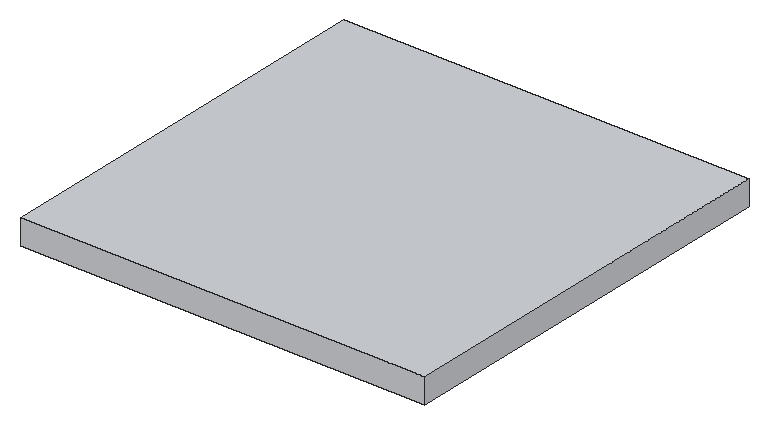
Revit family "Acoustic-Treatment_Wenger_Absorber-Wall", category Generic Models, Revit 2016
Family settings
  Part Type = Normal
  Can host rebar = No
  Round Connector Dimension = Use Diameter
  Work Plane-Based = Yes
  Always vertical = No
  Cut with Voids When Loaded = No
  Shared = No
  Room Calculation Point = No
Parameters
  Warranty Duration (Years) = 0
  Unit Width = 2' - 8"
  Unit Weight = 0
  Unit Length = 2' - 8"
  Unit Depth = 0' - 2"
  URL = "https://www.wengercorp.com/"
  Standards Conformance = "as Specified"
  Specification = "http://www.arcat.com/sdspecs/htm04/11_60_01wen.htm"
  SpecWizard = "http://www.arcat.com/specwizard/11061wen/index04.htm"
  Sales Information = "https://www.wengercorp.com/contact-us.php"
  Revision = "R1_2017-12"
  Product Properties = ""
  Product Data = "http://www.arcat.com/arcatcos/cos36/arc36487.html"
  Model = "As Specified"
  Manufacturer Website = "https://www.wengercorp.com/"
  Manufacturer Phone - Toll Free = ""
  Manufacturer Phone = ""
  Manufacturer Fax = ""
  Manufacturer Address = ""
  Manufacturer = "Wenger Corporation"
  Maintenance Schedule (Months) = 0
  Keynote = "11 60 01"
  Installation-Fabrication = ""
  Installation Phase = ""
  Green Building-LEED = "http://www.arcat.com/green/clients/leed_data_36487.html"
  Exterior Finish [instance] = none
  Expected Lifespan (Years) = 0
  Drawn By = "Sumex Design, Inc. / Robert S. Weygant, CSI, CDT, SCIP"
  Description = "Wenger Acoustic Product as Specified"
  Default Elevation = 0' - 0"
  Copyright = "©Arcat Inc."
  Construction Details = "http://www.arcat.com/details/wengerco/wengerco.html?coid=36487"
  Assembly Code = "E1020300"
Reference planes (in)
  plane 1 "Center (Front/Back)": y = 0
  plane 2 "Bottom": z = 0
  plane 3 "Center (Left/Right)": x = 0
  plane 4 "Front": y = -16
  plane 5 "Back": y = 16
  plane 6 "Left": x = -16
  plane 7 "Right": x = 16
  plane 8 "Top": z = 2
Forms (in)
  Extrusion 1, solid, material <- "Exterior Finish"
    sketch origin (0, 0, 0) x (1, 0, 0) y (0, 1, 0)
      loop
        line (-16, 16) -> (-16, -16) -> (16, -16) -> (16, 16) -> (-16, 16)
    from 0 to 2
Dimensions and locks (in)
  equal spacing: plane 6 "Left", plane 3 "Center (Left/Right)", plane 7 "Right"
  "Unit Length": plane 6 "Left" to plane 7 "Right"
  equal spacing: plane 5 "Back", plane 1 "Center (Front/Back)", plane 4 "Front"
  "Unit Width": plane 5 "Back" to plane 4 "Front"
  "Unit Depth": plane 8 "Top" to level
  aligned and locked: Extrusion 1 sketch curve to plane 5 "Back"
  aligned and locked: plane 6 "Left" to Extrusion 1 sketch curve
  aligned and locked: plane 4 "Front" to Extrusion 1 sketch curve
  aligned and locked: Extrusion 1 sketch curve to plane 7 "Right"
  aligned and locked: plane 8 "Top" to Extrusion 1
